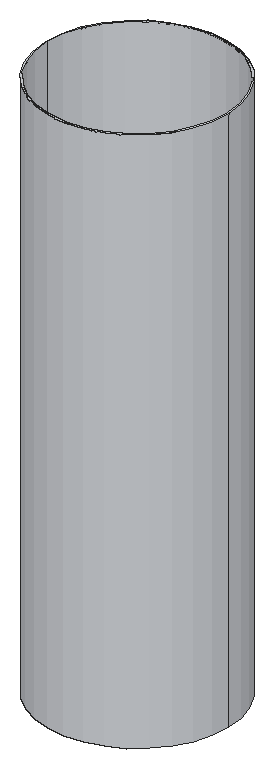
Revit family "Round Floor Sleeve", category Pipe Accessories, Revit 2022
Family settings
  Round Connector Dimension = Use Diameter
  Part Type = Normal
  Work Plane-Based = Yes
  Always vertical = Yes
  Cut with Voids When Loaded = No
  Shared = No
Parameters
  TS_Point_Description [instance] = "SLV"
  Length [instance] = 0' - 6"
  Inner Diameter [instance] = Diameter - 0' 0 1/32"  # 0' - 1 31/32"
  GTP_PointRole_0 [instance] = ""
  GTP_PointNumber_0 [instance] = ""
  GTP_PointElement_0 [instance] = ""
  GTP_LinkedParam_0 [instance] = "GTP_PointNumber_0"
  Diameter [instance] = 0' - 2"
  Default Elevation = 4' - 0"
Reference planes (in)
  plane 1 "Center (Front/Back)": y = 0
  plane 2: z = 0
  plane 3 "Center (Left/Right)": x = 0
  plane 4: z = -6
  plane 5: z = -3
Forms (in)
  Extrusion 1, solid
    sketch origin (0, 0, 0) x (1, 0, 0) y (0, 1, 0)
      loop
        circle (0, 0) r 1
      loop
        circle (0, 0) r 0.98438
    from 0 to -6
Lines and regions (in)
  model lines
    curve 1: circle (0, 0, 0) r 0.00391 normal (0, 0, 1)
Dimensions and locks (in)
  "Length": level to plane 4
  equal spacing: plane 2, plane 5, plane 4
  "Diameter": diameter of Extrusion 1 sketch curve
  "Inner Diameter": diameter of Extrusion 1 sketch curve
  aligned and locked: plane 2 to level
  aligned and locked: plane 2 to Extrusion 1
  aligned and locked: Extrusion 1 to plane 4
  aligned and locked: plane 5 to nested 1
Automatic sketch dimensions
  Extrusion 1 sketch curve to Extrusion 1 sketch curve = 0' - 0"  (x2)
  plane 1 "Center (Front/Back)" to Extrusion 1 sketch curve = 0' - 0"
  Extrusion 1 sketch curve to plane 3 "Center (Left/Right)" = 0' - 0"
  plane 1 "Center (Front/Back)" to curve 1 = 0' - 0"
  curve 1 to plane 3 "Center (Left/Right)" = 0' - 0"
  radius of curve 1 = 0' - 0 1/256"
Nested families (in)
  nested 1: "GTP" at (0, 0, -3), PointNumber <- "GTP_PointNumber_0", PointRole <- "GTP_PointRole_0", PointElement <- "GTP_PointElement_0", LinkedParam <- "GTP_LinkedParam_0", PointDescription <- "TS_Point_Description", type "Generic Pt"
    with PointRole "", PointNumber "", PointElement "", PointDescription "SLV", LinkedParam "GTP_PointNumber_0"
Definition of nested family "GTP"
  Parameters (values of type "Generic Pt")
    URL = ""
    PointRole [instance] = "Stake Out"
    PointNumber [instance] = ""
    PointElement [instance] = ""
    PointDescription [instance] = "Generic Pt"
    Manufacturer = "Autodesk Inc."
    LinkedParam [instance] = ""
    Default Elevation = 0' - 0"
  Reference planes (in)
    plane 1 "Center (Front/Back)": y = 0
    plane 2: z = 0
    plane 3 "Center (Left/Right)": x = 0
  Forms (in)
    Extrusion 1, solid, detail levels medium+fine
      sketch origin (0, 0, 0) x (1, 0, 0) y (0, 1, 0)
        loop
          line (0.5, -0.5) -> (0.5, 0.5) -> (-0.5, 0.5) -> (-0.5, -0.5) -> (0.5, -0.5)
      from -0.5 to 0.5
  Lines and regions (in)
    model lines, detail levels coarse+medium
      curve 1: line (0, 0.5, 0) -> (0, 0, 0)
      curve 2: line (-0.5, 0, 0) -> (0, 0, 0)
      curve 3: line (0, 0, -0.5) -> (0, 0, 0)
      curve 4: line (0, 0, 0) -> (0.5, 0, 0)
      curve 5: line (0, 0, 0) -> (0, -0.5, 0)
      curve 6: line (0, 0, 0) -> (0, 0, 0.5)
